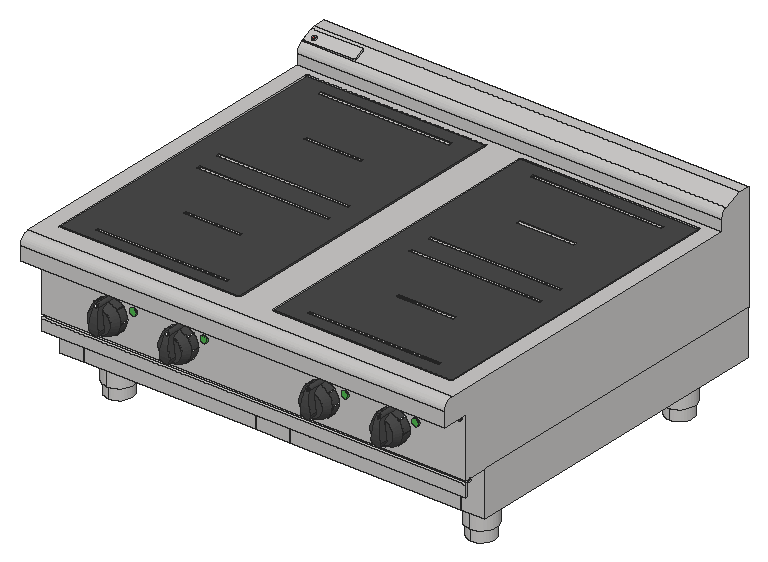
Revit family "QF_Moffat_INL8400R3-B_Induction_Cooktop_cat", category Specialty Equipment, Revit 2019
Family settings
  Round Connector Dimension = Use Diameter
  Part Type = Normal
  Work Plane-Based = No
  Always vertical = Yes
  Cut with Voids When Loaded = No
  Shared = No
  Room Calculation Point = No
Parameters (values of type "INL8400R3-B_415/60/3")
  Weight in Kilograms = 105
  Watts = 14000 W
  Volts = 415 V
  URL Cutsheet = ""
  Specification by User = ""
  Specification by Manufacturer = ""
  Show Logo [instance] = yes
  Serial Number = ""
  Seismic Rating = ""
  SMACNA No = ""
  Revision Code = ""
  Phase = 3
  Number of Poles = 1
  NAFEM Spec ID Number = ""
  Model = "INL8400R3-B"
  Min Ckt Ampacity = 0 A
  Max Overcurrent Protection = 0 A
  Masterspec = ""
  Manufacturer = "Moffat"
  Length = 900 mm
  Item Number = ""
  Installed By = ""
  Identify Quantity as Lot = yes
  Height = 410 mm
  HP = ""
  Furnished By = ""
  Foodservice Equipment Identifier = yes
  FL Amps = 20 A
  Electrical Remarks = ""
  Electric Connection Type = ""
  Elec Conn RI Height = 0 mm
  Elec Conn Connection Height = 0 mm
  Description = "Induction Cooktop"
  Depth = 805 mm
  Cycle = 60 Hz
  Conn Plug = ""
  Conn Conduit = yes
  CSI MasterFormat = ""
  Apparent Power = if(Phase = 3, Volts * FL Amps * 1.73, Volts * FL Amps)  # 14359 VA
Reference planes
  plane 1 "BACK": y = 0
  plane 2: z = 0
  plane 3 "LEFT": x = 0
  plane 4 "RIGHT": x = 900
  plane 5 "FRONT": y = -805
  plane 6 "TOP": z = 410
  plane 7 "Center Y": x = 450
  plane 8 "Center X": y = -402.5
  plane 9: x = 65.5
  plane 10: y = -30
  plane 11: x = 770
  plane 12: z = 85
  plane 13: y = -100
  plane 14: y = -625
  plane 15: y = -70
  plane 16: z = 355
  plane 17: z = 75
  plane 18: x = 834.5
Forms (mm)
  Extrusion 1, solid, material "QF_Metal_Stainless_Polished"
    sketch origin (0, 0, 0) x (0, 1, 0) y (0, 0, 1)
      loop
        line (0, 180) -> (0, 410) -> (-23.147, 410) -> (-57.632, 395.362)
        arc (-57.632, 395.362) -> (-66.628, 387.88) -> (-70, 376.676) r 20.3
        line (-70, 376.676) -> (-70, 355) -> (-784.417, 355)
        arc (-784.417, 355) -> (-798.971, 348.971) -> (-805, 334.417) r 20.583
        line (-805, 334.417) -> (-805, 305) -> (-749, 305) -> (-749, 180) -> (0, 180)
    from 0 to 900
  Extrusion 2, void
    sketch origin (0, -784.171, 355) x (0, 1, 0) y (-1, 0, 0)
      loop
        arc (699.341, -37.323) -> (697.584, -33.08) -> (693.341, -31.323) r 6
        line (693.341, -31.323) -> (45.245, -31.323)
        arc (45.245, -31.323) -> (41.002, -33.08) -> (39.245, -37.323) r 6
        line (39.245, -37.323) -> (39.245, -410.105)
        arc (39.245, -410.105) -> (41.002, -414.347) -> (45.245, -416.105) r 6
        line (45.245, -416.105) -> (693.341, -416.105)
        arc (693.341, -416.105) -> (697.584, -414.347) -> (699.341, -410.105) r 6
        line (699.341, -410.105) -> (699.341, -37.323)
      loop
        line (699.341, -862.677) -> (699.341, -489.895)
        arc (699.341, -489.895) -> (697.584, -485.653) -> (693.341, -483.895) r 6
        line (693.341, -483.895) -> (45.245, -483.895)
        arc (45.245, -483.895) -> (41.002, -485.653) -> (39.245, -489.895) r 6
        line (39.245, -489.895) -> (39.245, -862.677)
        arc (39.245, -862.677) -> (41.002, -866.92) -> (45.245, -868.677) r 6
        line (45.245, -868.677) -> (693.341, -868.677)
        arc (693.341, -868.677) -> (697.584, -866.92) -> (699.341, -862.677) r 6
    from 0 to -9.5
  Extrusion 3, solid, material "QF_Plastic_Black_Smooth"
    sketch origin (0, -784.171, 355) x (0, 1, 0) y (-1, 0, 0)
      loop
        line (695.341, -410.105) -> (695.341, -37.323)
        arc (695.341, -37.323) -> (694.755, -35.908) -> (693.341, -35.323) r 2
        line (693.341, -35.323) -> (45.245, -35.323)
        arc (45.245, -35.323) -> (43.831, -35.908) -> (43.245, -37.323) r 2
        line (43.245, -37.323) -> (43.245, -410.105)
        arc (43.245, -410.105) -> (43.831, -411.519) -> (45.245, -412.105) r 2
        line (45.245, -412.105) -> (693.341, -412.105)
        arc (693.341, -412.105) -> (694.755, -411.519) -> (695.341, -410.105) r 2
      loop
        line (667.194, -86.598) -> (661.194, -86.598) -> (661.194, -363.75) -> (667.194, -363.75) -> (667.194, -86.598)
      loop
        line (526.611, -163.924) -> (526.611, -283.924) -> (532.611, -283.924) -> (532.611, -163.924) -> (526.611, -163.924)
      loop
        line (398.444, -86.598) -> (392.444, -86.598) -> (392.444, -363.75) -> (398.444, -363.75) -> (398.444, -86.598)
      loop
        line (345.944, -86.598) -> (339.944, -86.598) -> (339.944, -363.75) -> (345.944, -363.75) -> (345.944, -86.598)
      loop
        line (206.611, -163.924) -> (206.611, -283.924) -> (212.611, -283.924) -> (212.611, -163.924) -> (206.611, -163.924)
      loop
        line (77.194, -86.598) -> (71.194, -86.598) -> (71.194, -363.75) -> (77.194, -363.75) -> (77.194, -86.598)
      loop
        arc (695.341, -489.895) -> (694.755, -488.481) -> (693.341, -487.895) r 2
        line (693.341, -487.895) -> (45.245, -487.895)
        arc (45.245, -487.895) -> (43.831, -488.481) -> (43.245, -489.895) r 2
        line (43.245, -489.895) -> (43.245, -862.677)
        arc (43.245, -862.677) -> (43.831, -864.092) -> (45.245, -864.677) r 2
        line (45.245, -864.677) -> (693.341, -864.677)
        arc (693.341, -864.677) -> (694.755, -864.092) -> (695.341, -862.677) r 2
        line (695.341, -862.677) -> (695.341, -489.895)
      loop
        line (667.194, -813.402) -> (667.194, -536.25) -> (661.194, -536.25) -> (661.194, -813.402) -> (667.194, -813.402)
      loop
        line (526.611, -736.076) -> (532.611, -736.076) -> (532.611, -616.076) -> (526.611, -616.076) -> (526.611, -736.076)
      loop
        line (398.444, -813.402) -> (398.444, -536.25) -> (392.444, -536.25) -> (392.444, -813.402) -> (398.444, -813.402)
      loop
        line (345.944, -813.402) -> (345.944, -536.25) -> (339.944, -536.25) -> (339.944, -813.402) -> (345.944, -813.402)
      loop
        line (206.611, -736.076) -> (212.611, -736.076) -> (212.611, -616.076) -> (206.611, -616.076) -> (206.611, -736.076)
      loop
        line (77.194, -813.402) -> (77.194, -536.25) -> (71.194, -536.25) -> (71.194, -813.402) -> (77.194, -813.402)
    from 0 to -9.5
  Extrusion 4, solid, material "QF_Metal_Stainless_Polished"
    sketch origin (0, 0, 40) x (0, 1, 0) y (0, 0, 1)
      loop
        line (-739.467, 140) -> (-738.192, 134.838)
        arc (-738.192, 134.838) -> (-738.307, 134.302) -> (-738.799, 134.063) r 0.625
        line (-738.799, 134.063) -> (-746.111, 134.063)
        arc (-746.111, 134.063) -> (-748.011, 133.276) -> (-748.797, 131.377) r 2.686
        line (-748.797, 131.377) -> (-748.797, 107.627) -> (-747.197, 107.627) -> (-747.197, 131.242)
        arc (-747.197, 131.242) -> (-746.84, 132.105) -> (-745.976, 132.463) r 1.221
        line (-745.976, 132.463) -> (-738.755, 132.463)
        arc (-738.755, 132.463) -> (-737.028, 133.304) -> (-736.625, 135.182) r 2.194
        line (-736.625, 135.182) -> (-737.815, 140) -> (-739.467, 140)
    from 0 to 900
  Extrusion 5, solid, material "QF_Plastic_Black_Smooth"
    sketch origin (0, -749, 181.875) x (0, 0, 1) y (-1, 0, 0)
      loop
        circle (112.843, -13.157) r 5
      loop
        circle (112.843, -886.843) r 5
    from 0 to 1.6
  Extrusion 6, solid, material "QF_Metal_Stainless_Polished"
    sketch origin (450, -699, 85) x (0, 1, 0) y (1, 0, 0)
      loop
        circle (669, 320) r 6.35
    from 0 to 10
  Extrusion 7, solid, material "QF_Metal_Stainless_Polished"
    sketch origin (0, -699, 85) x (1, 0, 0) y (0, -1, 0)
      loop
        line (0, -699) -> (900, -699) -> (900, 0) -> (849.2, 0) -> (849.2, -25.4) -> (485.8, -25.4) -> (485.8, 0) -> (414.2, 0) -> (414.2, -25.4) -> (50.8, -25.4) -> (50.8, 0) -> (0, 0) -> (0, -699)
    from 0 to -95
  Extrusion 8, solid, material "QF_Metal_Stainless_Polished"
    sketch origin (50.8, -30, 85) x (0, 1, 0) y (0, 0, 1)
      loop
        line (-669, 0) -> (-643.6, 0) -> (-643.6, 26.45) -> (-669, 26.45) -> (-669, 0)
      loop
        line (-669, 32.45) -> (-643.6, 32.45) -> (-643.6, 66.4) -> (-669, 66.4) -> (-669, 32.45)
      loop
        line (-669, 67.4) -> (-643.6, 67.4) -> (-643.6, 95) -> (-669, 95) -> (-669, 67.4)
    from 0 to 363.4
  Revolve 9, solid, material "QF_Metal_Stainless_Polished"
    sketch origin (65.5, -4572, -304.8) x (0, 0, -1) y (0, -1, 0)
      loop
        line (-304.8, -4499.5) -> (-304.8, -4472) -> (-389.8, -4472) -> (-389.8, -4503.75) -> (-329.8, -4503.75) -> (-329.8, -4499.5) -> (-304.8, -4499.5)
      axis (-389.8, -4472) -> (-304.8, -4472)
    angle from 0 to 360
  Revolve 10, solid, material "QF_Metal_Stainless_Polished"
    sketch origin (65.5, -4572, -304.8) x (0, 0, -1) y (0, -1, 0)
      loop
        line (-304.8, -3974.5) -> (-304.8, -3947) -> (-389.8, -3947) -> (-389.8, -3978.75) -> (-329.8, -3978.75) -> (-329.8, -3974.5) -> (-304.8, -3974.5)
      axis (-389.8, -3947) -> (-304.8, -3947)
    angle from 0 to 360
  Revolve 11, solid, material "QF_Metal_Stainless_Polished"
    sketch origin (834.5, -4572, -304.8) x (0, 0, -1) y (0, 1, 0)
      loop
        line (-304.8, 4499.5) -> (-329.8, 4499.5) -> (-329.8, 4503.75) -> (-389.8, 4503.75) -> (-389.8, 4472) -> (-304.8, 4472) -> (-304.8, 4499.5)
      axis (-389.8, 4472) -> (-304.8, 4472)
    angle from 0 to 360
  Revolve 12, solid, material "QF_Metal_Stainless_Polished"
    sketch origin (834.5, -4572, -304.8) x (0, 0, -1) y (0, 1, 0)
      loop
        line (-304.8, 3974.5) -> (-329.8, 3974.5) -> (-329.8, 3978.75) -> (-389.8, 3978.75) -> (-389.8, 3947) -> (-304.8, 3947) -> (-304.8, 3974.5)
      axis (-389.8, 3947) -> (-304.8, 3947)
    angle from 0 to 360
  Extrusion 13, solid, material "QF_Metal_Stainless_Polished"
    sketch origin (900, 0, 0) x (-1, 0, 0) y (0, -1, 0)
      loop
        line (536.25, 122.976) -> (536.25, 116.976) -> (813.402, 116.976) -> (813.402, 122.976) -> (536.25, 122.976)
      loop
        line (736.076, 251.56) -> (736.076, 257.56) -> (616.076, 257.56) -> (616.076, 251.56) -> (736.076, 251.56)
      loop
        line (813.402, 385.726) -> (813.402, 391.726) -> (536.25, 391.726) -> (536.25, 385.726) -> (813.402, 385.726)
      loop
        line (813.402, 438.226) -> (813.402, 444.226) -> (536.25, 444.226) -> (536.25, 438.226) -> (813.402, 438.226)
      loop
        line (736.076, 571.56) -> (736.076, 577.56) -> (616.076, 577.56) -> (616.076, 571.56) -> (736.076, 571.56)
      loop
        line (536.25, 712.976) -> (536.25, 706.976) -> (813.402, 706.976) -> (813.402, 712.976) -> (536.25, 712.976)
      loop
        line (363.75, 122.976) -> (86.598, 122.976) -> (86.598, 116.976) -> (363.75, 116.976) -> (363.75, 122.976)
      loop
        line (163.924, 251.56) -> (283.924, 251.56) -> (283.924, 257.56) -> (163.924, 257.56) -> (163.924, 251.56)
      loop
        line (86.598, 385.726) -> (363.75, 385.726) -> (363.75, 391.726) -> (86.598, 391.726) -> (86.598, 385.726)
      loop
        line (86.598, 438.226) -> (363.75, 438.226) -> (363.75, 444.226) -> (86.598, 444.226) -> (86.598, 438.226)
      loop
        line (163.924, 571.56) -> (283.924, 571.56) -> (283.924, 577.56) -> (163.924, 577.56) -> (163.924, 571.56)
      loop
        line (363.75, 712.976) -> (86.598, 712.976) -> (86.598, 706.976) -> (363.75, 706.976) -> (363.75, 712.976)
    from 355 to 345.5
  Extrusion 14, solid, material "QF_Paint_Green"
    sketch origin (63.231, -748.999, 153.75) x (0, 0, 1) y (-1, 0, 0)
      loop
        circle (100.3, -282.5) r 7.15
    from 0 to 1.6
  Extrusion 15, solid, material "QF_Plastic_Black_Smooth"
    sketch origin (75, -748.999, 165.625) x (0, 0, 1) y (-1, 0, 0)
      loop
        circle (112.843, -225) r 5
    from 0 to 1.6
  Extrusion 16, solid, material "QF_Paint_Green"
    sketch origin (-86.769, -748.999, 153.75) x (0, 0, 1) y (-1, 0, 0)
      loop
        circle (100.3, -282.5) r 7.15
    from 0 to 1.6
  Extrusion 17, solid, material "QF_Plastic_Black_Smooth"
    sketch origin (-75, -748.999, 165.625) x (0, 0, 1) y (-1, 0, 0)
      loop
        circle (112.843, -225) r 5
    from 0 to 1.6
  Extrusion 18, solid, material "QF_Paint_Green"
    sketch origin (511.981, -748.999, 153.75) x (0, 0, 1) y (-1, 0, 0)
      loop
        circle (100.3, -282.5) r 7.15
    from 0 to 1.6
  Extrusion 19, solid, material "QF_Plastic_Black_Smooth"
    sketch origin (523.75, -748.999, 165.625) x (0, 0, 1) y (-1, 0, 0)
      loop
        circle (112.843, -225) r 5
    from 0 to 1.6
  Extrusion 20, solid, material "QF_Paint_Green"
    sketch origin (361.981, -748.999, 153.75) x (0, 0, 1) y (-1, 0, 0)
      loop
        circle (100.3, -282.5) r 7.15
    from 0 to 1.6
  Extrusion 21, solid, material "QF_Plastic_Black_Smooth"
    sketch origin (373.75, -748.999, 165.625) x (0, 0, 1) y (-1, 0, 0)
      loop
        circle (112.843, -225) r 5
    from 0 to 1.6
  Extrusion 22, solid, material "QF_Metal_Stainless_Polished"
    sketch origin (849.2, -30, 85) x (0, 1, 0) y (0, 0, -1)
      loop
        line (-669, 0) -> (-669, -26.45) -> (-643.6, -26.45) -> (-643.6, 0) -> (-669, 0)
      loop
        line (-669, -32.45) -> (-669, -66.4) -> (-643.6, -66.4) -> (-643.6, -32.45) -> (-669, -32.45)
      loop
        line (-669, -67.4) -> (-669, -95) -> (-643.6, -95) -> (-643.6, -67.4) -> (-669, -67.4)
    from 0 to 363.4
Cuts and joins
  Extrusion 2 cuts Extrusion 1
Lines and regions (mm)
  symbolic lines
    curve 1: line (0, 0, 0) -> (900, 0, 0)
    curve 2: line (0, -805, 0) -> (0, 0, 0)
    curve 3: line (900, -805, 0) -> (0, -805, 0)
    curve 4: line (900, 0, 0) -> (900, -805, 0)
    curve 5: line (0, -18.182, 0) -> (900, -18.182, 0)
    curve 6: line (0, -70, 0) -> (900, -70, 0)
    curve 7: line (37.323, -84.83, 0) -> (410.105, -84.83, 0)
    curve 8: arc (410.105, -84.83, 0) -> (414.347, -86.587, 0) -> (416.105, -90.83, 0) r 6
    curve 9: line (416.105, -90.83, 0) -> (416.105, -738.926, 0)
    curve 10: arc (416.105, -738.926, 0) -> (414.347, -743.168, 0) -> (410.105, -744.926, 0) r 6
    curve 11: line (410.105, -744.926, 0) -> (37.323, -744.926, 0)
    curve 12: arc (37.323, -744.926, 0) -> (33.08, -743.168, 0) -> (31.323, -738.926, 0) r 6
    curve 13: line (31.323, -738.926, 0) -> (31.323, -90.83, 0)
    curve 14: arc (31.323, -90.83, 0) -> (33.08, -86.587, 0) -> (37.323, -84.83, 0) r 6
    curve 15: line (410.105, -88.83, 0) -> (37.323, -88.83, 0)
    curve 16: arc (37.323, -88.83, 0) -> (35.908, -89.415, 0) -> (35.323, -90.83, 0) r 2
    curve 17: line (35.323, -90.83, 0) -> (35.323, -738.926, 0)
    curve 18: arc (35.323, -738.926, 0) -> (35.908, -740.34, 0) -> (37.323, -740.926, 0) r 2
    curve 19: line (37.323, -740.926, 0) -> (410.105, -740.926, 0)
    curve 20: arc (410.105, -740.926, 0) -> (411.519, -740.34, 0) -> (412.105, -738.926, 0) r 2
    curve 21: line (412.105, -738.926, 0) -> (412.105, -90.83, 0)
    curve 22: arc (412.105, -90.83, 0) -> (411.519, -89.415, 0) -> (410.105, -88.83, 0) r 2
    curve 23: line (416.105, -738.926, 0) -> (416.105, -90.83, 0)
    curve 24: line (412.105, -90.83, 0) -> (412.105, -738.926, 0)
    curve 25: line (862.677, -84.83, 0) -> (489.895, -84.83, 0)
    curve 26: arc (489.895, -84.83, 0) -> (485.653, -86.587, 0) -> (483.895, -90.83, 0) r 6
    curve 27: arc (483.895, -738.926, 0) -> (485.653, -743.168, 0) -> (489.895, -744.926, 0) r 6
    curve 28: line (489.895, -744.926, 0) -> (862.677, -744.926, 0)
    curve 29: arc (862.677, -744.926, 0) -> (866.92, -743.168, 0) -> (868.677, -738.926, 0) r 6
    curve 30: line (868.677, -738.926, 0) -> (868.677, -90.83, 0)
    curve 31: arc (868.677, -90.83, 0) -> (866.92, -86.587, 0) -> (862.677, -84.83, 0) r 6
    curve 32: line (489.895, -88.83, 0) -> (862.677, -88.83, 0)
    curve 33: arc (862.677, -88.83, 0) -> (864.092, -89.415, 0) -> (864.677, -90.83, 0) r 2
    curve 34: line (864.677, -90.83, 0) -> (864.677, -738.926, 0)
    curve 35: arc (864.677, -738.926, 0) -> (864.092, -740.34, 0) -> (862.677, -740.926, 0) r 2
    curve 36: line (862.677, -740.926, 0) -> (489.895, -740.926, 0)
    curve 37: arc (489.895, -740.926, 0) -> (488.481, -740.34, 0) -> (487.895, -738.926, 0) r 2
    curve 38: arc (487.895, -90.83, 0) -> (488.481, -89.415, 0) -> (489.895, -88.83, 0) r 2
    curve 39: line (487.895, -90.83, 0) -> (487.895, -738.926, 0)
    curve 40: arc (487.895, -738.926, 0) -> (488.481, -740.34, 0) -> (489.895, -740.926, 0) r 2
    curve 41: line (489.895, -740.926, 0) -> (862.677, -740.926, 0)
    curve 42: arc (862.677, -740.926, 0) -> (864.092, -740.34, 0) -> (864.677, -738.926, 0) r 2
    curve 43: line (864.677, -738.926, 0) -> (864.677, -90.83, 0)
    curve 44: arc (864.677, -90.83, 0) -> (864.092, -89.415, 0) -> (862.677, -88.83, 0) r 2
    curve 45: line (862.677, -88.83, 0) -> (489.895, -88.83, 0)
    curve 46: arc (489.895, -88.83, 0) -> (488.481, -89.415, 0) -> (487.895, -90.83, 0) r 2
    curve 47: line (483.895, -90.83, 0) -> (483.895, -738.926, 0)
    curve 48: arc (483.895, -738.926, 0) -> (485.653, -743.168, 0) -> (489.895, -744.926, 0) r 6
    curve 49: line (489.895, -744.926, 0) -> (862.677, -744.926, 0)
    curve 50: arc (862.677, -744.926, 0) -> (866.92, -743.168, 0) -> (868.677, -738.926, 0) r 6
    curve 51: line (868.677, -738.926, 0) -> (868.677, -90.83, 0)
    curve 52: arc (868.677, -90.83, 0) -> (866.92, -86.587, 0) -> (862.677, -84.83, 0) r 6
    curve 53: line (862.677, -84.83, 0) -> (489.895, -84.83, 0)
    curve 54: arc (489.895, -84.83, 0) -> (485.653, -86.587, 0) -> (483.895, -90.83, 0) r 6
    curve 55: line (86.598, -122.976, 0) -> (363.75, -122.976, 0)
    curve 56: line (363.75, -122.976, 0) -> (363.75, -116.976, 0)
    curve 57: line (363.75, -116.976, 0) -> (86.598, -116.976, 0)
    curve 58: line (86.598, -116.976, 0) -> (86.598, -122.976, 0)
    curve 59: line (283.924, -251.56, 0) -> (163.924, -251.56, 0)
    curve 60: line (163.924, -251.56, 0) -> (163.924, -257.56, 0)
    curve 61: line (163.924, -257.56, 0) -> (283.924, -257.56, 0)
    curve 62: line (283.924, -257.56, 0) -> (283.924, -251.56, 0)
    curve 63: line (536.25, -122.976, 0) -> (813.402, -122.976, 0)
    curve 64: line (813.402, -122.976, 0) -> (813.402, -116.976, 0)
    curve 65: line (813.402, -116.976, 0) -> (536.25, -116.976, 0)
    curve 66: line (536.25, -116.976, 0) -> (536.25, -122.976, 0)
    curve 67: line (813.402, -706.976, 0) -> (536.25, -706.976, 0)
    curve 68: line (536.25, -706.976, 0) -> (536.25, -712.976, 0)
    curve 69: line (536.25, -712.976, 0) -> (813.402, -712.976, 0)
    curve 70: line (813.402, -712.976, 0) -> (813.402, -706.976, 0)
    curve 71: line (86.598, -712.976, 0) -> (363.75, -712.976, 0)
    curve 72: line (363.75, -712.976, 0) -> (363.75, -706.976, 0)
    curve 73: line (363.75, -706.976, 0) -> (86.598, -706.976, 0)
    curve 74: line (86.598, -706.976, 0) -> (86.598, -712.976, 0)
    curve 75: line (283.924, -577.56, 0) -> (163.924, -577.56, 0)
    curve 76: line (163.924, -577.56, 0) -> (163.924, -571.56, 0)
    curve 77: line (163.924, -571.56, 0) -> (283.924, -571.56, 0)
    curve 78: line (283.924, -571.56, 0) -> (283.924, -577.56, 0)
    curve 79: line (86.598, -444.226, 0) -> (363.75, -444.226, 0)
    curve 80: line (363.75, -444.226, 0) -> (363.75, -438.226, 0)
    curve 81: line (363.75, -438.226, 0) -> (86.598, -438.226, 0)
    curve 82: line (86.598, -438.226, 0) -> (86.598, -444.226, 0)
    curve 83: line (86.598, -391.726, 0) -> (363.75, -391.726, 0)
    curve 84: line (363.75, -391.726, 0) -> (363.75, -385.726, 0)
    curve 85: line (363.75, -385.726, 0) -> (86.598, -385.726, 0)
    curve 86: line (86.598, -385.726, 0) -> (86.598, -391.726, 0)
    curve 87: line (813.402, -385.726, 0) -> (536.25, -385.726, 0)
    curve 88: line (536.25, -385.726, 0) -> (536.25, -391.726, 0)
    curve 89: line (536.25, -391.726, 0) -> (813.402, -391.726, 0)
    curve 90: line (813.402, -391.726, 0) -> (813.402, -385.726, 0)
    curve 91: line (616.076, -257.56, 0) -> (736.076, -257.56, 0)
    curve 92: line (736.076, -257.56, 0) -> (736.076, -251.56, 0)
    curve 93: line (736.076, -251.56, 0) -> (616.076, -251.56, 0)
    curve 94: line (616.076, -251.56, 0) -> (616.076, -257.56, 0)
    curve 95: line (536.25, -122.976, 0) -> (813.402, -122.976, 0)
    curve 96: line (813.402, -122.976, 0) -> (813.402, -116.976, 0)
    curve 97: line (813.402, -116.976, 0) -> (536.25, -116.976, 0)
    curve 98: line (536.25, -116.976, 0) -> (536.25, -122.976, 0)
    curve 99: line (813.402, -438.226, 0) -> (536.25, -438.226, 0)
    curve 100: line (536.25, -438.226, 0) -> (536.25, -444.226, 0)
    curve 101: line (536.25, -444.226, 0) -> (813.402, -444.226, 0)
    curve 102: line (813.402, -444.226, 0) -> (813.402, -438.226, 0)
    curve 103: line (736.076, -571.56, 0) -> (616.076, -571.56, 0)
    curve 104: line (616.076, -571.56, 0) -> (616.076, -577.56, 0)
    curve 105: line (616.076, -577.56, 0) -> (736.076, -577.56, 0)
    curve 106: line (736.076, -577.56, 0) -> (736.076, -571.56, 0)
    curve 107: line (813.402, -706.976, 0) -> (536.25, -706.976, 0)
    curve 108: line (536.25, -706.976, 0) -> (536.25, -712.976, 0)
    curve 109: line (536.25, -712.976, 0) -> (813.402, -712.976, 0)
    curve 110: line (813.402, -712.976, 0) -> (813.402, -706.976, 0)
Dimensions and locks
  equal spacing: plane 3 "LEFT", plane 7 "Center Y", plane 4 "RIGHT"
  "Length": plane 3 "LEFT" to plane 4 "RIGHT"
  equal spacing: plane 5 "FRONT", plane 8 "Center X", plane 1 "BACK"
  "Depth": plane 5 "FRONT" to plane 1 "BACK"
  "Height": plane 6 "TOP" to level
  plane 4 "RIGHT" to plane 3 "LEFT" = 900 mm
  plane 1 "BACK" to plane 5 "FRONT" = 805 mm
  plane 6 "TOP" to plane 2 = 410 mm
  locked: plane 11 to plane 4 "RIGHT" at 130
  plane 1 "BACK" to plane 10 = 30 mm
  plane 1 "BACK" to plane 13 to plane 14 = 100 mm, 525 mm
  plane 1 "BACK" to plane 15 = 70 mm
  plane 16 to level = 355 mm
  level to plane 12 = 85 mm
  plane 17 to level = 75 mm
  plane 11 to plane 4 "RIGHT" = 130 mm
  plane 18 to plane 9 = 769 mm
  locked: plane 4 "RIGHT" to plane 18 at 65.5
  aligned and locked: level to plane 2
  aligned and locked: plane 18 to Revolve 12
  aligned and locked: plane 18 to Revolve 11
  aligned and locked: Extrusion 7 sketch curve to plane 4 "RIGHT"
  aligned and locked: Extrusion 4 to plane 4 "RIGHT"
  aligned and locked: Extrusion 22 to Extrusion 7  (x2)
Automatic sketch dimensions
  Extrusion 4 sketch curve to plane 5 "FRONT" = 56.203 mm
  Extrusion 4 sketch curve to Extrusion 4 sketch curve = 1.6 mm
  Extrusion 4 sketch curve to Extrusion 4 sketch curve = 1.086 mm
  Extrusion 4 sketch curve to Extrusion 4 sketch curve = 0.135 mm  (x2)
  Extrusion 4 sketch curve to Extrusion 4 sketch curve = 6.644 mm
  Extrusion 4 sketch curve to Extrusion 4 sketch curve = 0.668 mm
  Extrusion 4 sketch curve to Extrusion 4 sketch curve = 0.044 mm
  Extrusion 4 sketch curve to Extrusion 4 sketch curve = 0.563 mm
  Extrusion 4 sketch curve to Extrusion 4 sketch curve = 1.652 mm
  Extrusion 4 sketch curve to Extrusion 4 sketch curve = 1.567 mm
  Extrusion 4 sketch curve to plane 12 = 62.627 mm
  Extrusion 4 sketch curve to Extrusion 4 sketch curve = 23.614 mm
  Extrusion 4 sketch curve to Extrusion 4 sketch curve = 0.594 mm
  Extrusion 4 sketch curve to Extrusion 4 sketch curve = 0.032 mm
  Extrusion 4 sketch curve to Extrusion 4 sketch curve = 5.162 mm
  Extrusion 1 to Extrusion 5 sketch curve = 10.282 mm  (x2)
  Extrusion 1 to Extrusion 5 sketch curve = 13.157 mm  (x2)
  plane 12 to Revolve 9 sketch curve = 0 mm
  Revolve 9 sketch curve to level = 0 mm  (x2)
  Revolve 9 sketch curve to plane 13 = 0 mm  (x2)
  plane 15 to Revolve 9 sketch curve = 2.5 mm
  level to Revolve 9 sketch curve = 25 mm
  Revolve 9 sketch curve to plane 15 = 1.75 mm
  Revolve 9 sketch curve to Revolve 9 sketch curve = 25 mm
  plane 12 to Revolve 10 sketch curve = 0 mm
  Revolve 10 sketch curve to level = 0 mm  (x2)
  Revolve 10 sketch curve to plane 14 = 0 mm  (x2)
  level to Revolve 10 sketch curve = 25 mm
  Revolve 10 sketch curve to Revolve 10 sketch curve = 27.5 mm
  Revolve 10 sketch curve to Revolve 10 sketch curve = 31.75 mm
  Revolve 10 sketch curve to Revolve 10 sketch curve = 25 mm
  plane 12 to Revolve 11 sketch curve = 0 mm
  Revolve 11 sketch curve to level = 0 mm  (x2)
  Revolve 11 sketch curve to plane 13 = 0 mm  (x2)
  plane 15 to Revolve 11 sketch curve = 2.5 mm
  Revolve 11 sketch curve to Revolve 11 sketch curve = 25 mm
  Revolve 11 sketch curve to plane 15 = 1.75 mm
  Revolve 11 sketch curve to level = 25 mm
  plane 12 to Revolve 12 sketch curve = 0 mm
  Revolve 12 sketch curve to level = 0 mm  (x2)
  Revolve 12 sketch curve to plane 14 = 0 mm  (x2)
  level to Revolve 12 sketch curve = 25 mm
  Revolve 12 sketch curve to plane 14 = 27.5 mm
  Revolve 12 sketch curve to Revolve 12 sketch curve = 4.25 mm
  Revolve 12 sketch curve to Revolve 12 sketch curve = 25 mm
  Extrusion 16 sketch curve to plane 16 = 100.95 mm
  Extrusion 16 sketch curve to plane 9 = 130.231 mm
  Extrusion 17 sketch curve to plane 16 = 76.532 mm
  Extrusion 17 sketch curve to plane 9 = 84.5 mm
  Extrusion 18 sketch curve to plane 11 = 24.481 mm
  Extrusion 18 sketch curve to plane 16 = 100.95 mm
  Extrusion 19 sketch curve to plane 16 = 76.532 mm
  plane 11 to Extrusion 19 sketch curve = 21.25 mm
  plane 12 to Extrusion 22 sketch curve = 0 mm
  plane 14 to Extrusion 22 sketch curve = 74 mm
  Extrusion 22 sketch curve to Extrusion 22 sketch curve = 0 mm  (x4)
  Extrusion 22 sketch curve to Extrusion 22 sketch curve = 25.4 mm
  Extrusion 22 sketch curve to plane 12 = 26.45 mm
  Extrusion 22 sketch curve to Extrusion 22 sketch curve = 6 mm
  Extrusion 22 sketch curve to Extrusion 22 sketch curve = 33.95 mm
  Extrusion 22 sketch curve to Extrusion 22 sketch curve = 1 mm
  Extrusion 22 sketch curve to Extrusion 22 sketch curve = 27.6 mm
  Extrusion 7 to Extrusion 6 sketch curve = 30 mm
  Extrusion 6 sketch curve to Extrusion 7 = 79.2 mm
  Extrusion 7 sketch curve to plane 3 "LEFT" = 0 mm
  plane 1 "BACK" to Extrusion 7 sketch curve = 0 mm
  plane 9 to Extrusion 7 sketch curve = 14.7 mm
  Extrusion 7 sketch curve to plane 7 "Center Y" = 35.8 mm
  plane 7 "Center Y" to Extrusion 7 sketch curve = 35.8 mm
  plane 18 to Extrusion 7 sketch curve = 14.7 mm
  plane 14 to Extrusion 7 sketch curve = 48.6 mm  (x2)
  Extrusion 7 sketch curve to Extrusion 7 sketch curve = 25.4 mm  (x3)
  Extrusion 8 sketch curve to Extrusion 7 = 0 mm  (x8)
  Extrusion 7 to Extrusion 8 sketch curve = 26.45 mm
  Extrusion 8 sketch curve to Extrusion 8 sketch curve = 6 mm
  Extrusion 7 to Extrusion 8 sketch curve = 28.6 mm
  Extrusion 8 sketch curve to Extrusion 8 sketch curve = 1 mm
  Extrusion 14 sketch curve to plane 7 "Center Y" = 104.269 mm
  Extrusion 14 sketch curve to plane 16 = 100.95 mm
  Extrusion 15 sketch curve to plane 16 = 76.532 mm
  Extrusion 15 sketch curve to plane 7 "Center Y" = 150 mm
  Extrusion 20 sketch curve to plane 16 = 100.95 mm
  plane 7 "Center Y" to Extrusion 20 sketch curve = 194.481 mm
  Extrusion 21 sketch curve to plane 16 = 76.532 mm
  plane 7 "Center Y" to Extrusion 21 sketch curve = 148.75 mm
  Extrusion 2 sketch curve to Extrusion 1 = 39.492 mm  (x2)
  Extrusion 2 sketch curve to Extrusion 2 sketch curve = 6 mm  (x6)
  Extrusion 1 to Extrusion 2 sketch curve = 20.83 mm  (x4)
  Extrusion 1 to Extrusion 2 sketch curve = 31.323 mm
  Extrusion 2 sketch curve to Extrusion 2 sketch curve = 372.782 mm
  Extrusion 2 sketch curve to Extrusion 2 sketch curve = 67.791 mm
  Extrusion 1 to Extrusion 2 sketch curve = 37.323 mm
  Extrusion 3 sketch curve to Extrusion 1 = 43.492 mm  (x2)
  Extrusion 3 sketch curve to Extrusion 3 sketch curve = 2 mm  (x6)
  Extrusion 3 sketch curve to Extrusion 3 sketch curve = 25.949 mm  (x2)
  Extrusion 3 sketch curve to Extrusion 3 sketch curve = 6 mm  (x12)
  Extrusion 3 sketch curve to Extrusion 3 sketch curve = 129.416 mm  (x2)
  Extrusion 3 sketch curve to Extrusion 3 sketch curve = 127.334 mm  (x2)
  Extrusion 3 sketch curve to Extrusion 3 sketch curve = 46.5 mm  (x2)
  Extrusion 3 sketch curve to Extrusion 3 sketch curve = 128.166 mm  (x2)
  Extrusion 1 to Extrusion 3 sketch curve = 52.976 mm  (x2)
  Extrusion 1 to Extrusion 3 sketch curve = 20.83 mm  (x4)
  Extrusion 1 to Extrusion 3 sketch curve = 35.323 mm
  Extrusion 3 sketch curve to Extrusion 3 sketch curve = 49.275 mm  (x2)
  Extrusion 1 to Extrusion 3 sketch curve = 86.598 mm  (x4)
  Extrusion 3 sketch curve to Extrusion 3 sketch curve = 0 mm  (x4)
  Extrusion 3 sketch curve to Extrusion 3 sketch curve = 77.326 mm  (x2)
  Extrusion 3 sketch curve to Extrusion 3 sketch curve = 120 mm  (x4)
  Extrusion 3 sketch curve to Extrusion 3 sketch curve = 79.826 mm  (x5)
  Extrusion 3 sketch curve to Extrusion 3 sketch curve = 46.355 mm  (x3)
  Extrusion 3 sketch curve to Extrusion 3 sketch curve = 75.791 mm
  Extrusion 3 sketch curve to Extrusion 3 sketch curve = 172.5 mm
  Extrusion 1 to Extrusion 3 sketch curve = 37.323 mm
  plane 18 to Extrusion 13 sketch curve = 21.098 mm  (x4)
  Extrusion 13 sketch curve to plane 11 = 33.924 mm  (x2)
  plane 14 to Extrusion 13 sketch curve = 47.44 mm
  Extrusion 13 sketch curve to Extrusion 13 sketch curve = 120 mm  (x2)
  plane 8 "Center X" to Extrusion 13 sketch curve = 41.726 mm  (x2)
  Extrusion 13 sketch curve to plane 7 "Center Y" = 86.25 mm  (x3)
  Extrusion 13 sketch curve to plane 8 "Center X" = 16.774 mm  (x2)
  Extrusion 13 sketch curve to Extrusion 13 sketch curve = 0 mm  (x2)
  Extrusion 13 sketch curve to plane 13 = 22.976 mm
  plane 7 "Center Y" to Extrusion 13 sketch curve = 86.25 mm  (x3)
  Extrusion 13 sketch curve to plane 13 = 16.976 mm
  plane 14 to Extrusion 13 sketch curve = 53.44 mm
  Extrusion 13 sketch curve to Extrusion 13 sketch curve = 79.826 mm  (x2)
  plane 9 to Extrusion 13 sketch curve = 98.424 mm  (x2)
  plane 9 to Extrusion 13 sketch curve = 21.098 mm  (x4)
  Extrusion 13 sketch curve to plane 14 = 81.976 mm  (x2)
  Extrusion 13 sketch curve to Extrusion 13 sketch curve = 6 mm  (x12)
  Extrusion 13 sketch curve to plane 8 "Center X" = 144.94 mm  (x2)
  Extrusion 1 sketch curve to plane 5 "FRONT" = 0 mm
  Extrusion 1 sketch curve to plane 16 = 0 mm
  Extrusion 1 sketch curve to plane 15 = 0 mm
  Extrusion 1 sketch curve to plane 6 "TOP" = 0 mm
  Extrusion 1 sketch curve to plane 1 "BACK" = 0 mm
  Extrusion 1 sketch curve to Extrusion 1 sketch curve = 20.583 mm
  Extrusion 1 sketch curve to plane 5 "FRONT" = 56 mm
  Extrusion 1 sketch curve to plane 15 = 12.368 mm
  plane 10 to Extrusion 1 sketch curve = 19.7 mm
  Extrusion 1 sketch curve to plane 10 = 6.853 mm
  Extrusion 1 sketch curve to Extrusion 1 sketch curve = 29.417 mm
  Extrusion 1 sketch curve to plane 12 = 95 mm
  plane 16 to Extrusion 1 sketch curve = 21.676 mm
  curve 8 to curve 22 = 0 mm
  curve 10 to curve 20 = 0 mm  (x2)
  curve 12 to curve 18 = 0 mm  (x2)
  curve 14 to curve 16 = 0 mm  (x2)
  curve 27 to curve 37 = 0 mm
  curve 27 to curve 40 = 0 mm
  curve 29 to curve 35 = 0 mm  (x2)
  curve 38 to curve 54 = 0 mm
  curve 44 to curve 52 = 0 mm  (x2)
  plane 1 "BACK" to curve 1 = 0 mm
  curve 1 to plane 3 "LEFT" = 0 mm
  curve 6 to plane 4 "RIGHT" = 0 mm
  plane 5 "FRONT" to curve 3 = 0 mm
  plane 15 to curve 6 = 0 mm
  plane 3 "LEFT" to curve 13 = 31.323 mm
  curve 13 to curve 17 = 4 mm
  curve 16 to curve 16 = 2 mm
  curve 17 to curve 18 = 2 mm
  curve 85 to plane 9 = 21.098 mm
  curve 82 to plane 9 = 21.098 mm
  curve 71 to plane 9 = 21.098 mm
  curve 55 to plane 9 = 21.098 mm
  curve 77 to plane 9 = 98.424 mm
  curve 59 to plane 9 = 98.424 mm
  curve 60 to curve 62 = 120 mm
  curve 77 to plane 14 = 53.44 mm
  curve 76 to curve 77 = 120 mm
  plane 13 to curve 57 = 16.976 mm
  curve 57 to plane 7 "Center Y" = 86.25 mm
  curve 72 to plane 7 "Center Y" = 86.25 mm
  plane 8 "Center X" to curve 85 = 16.774 mm
  curve 85 to plane 7 "Center Y" = 86.25 mm
  curve 79 to curve 83 = 0 mm
  curve 10 to plane 7 "Center Y" = 39.895 mm
  plane 15 to curve 7 = 14.83 mm
  curve 7 to plane 7 "Center Y" = 39.895 mm
  curve 20 to curve 24 = 2 mm
  plane 7 "Center Y" to curve 47 = 33.895 mm
  curve 26 to curve 39 = 4 mm
  curve 46 to curve 45 = 2 mm
  curve 37 to curve 36 = 2 mm
  plane 8 "Center X" to curve 88 = 16.774 mm
  plane 7 "Center Y" to curve 88 = 86.25 mm
  curve 27 to curve 108 = 46.355 mm
  curve 101 to curve 88 = 0 mm
  plane 13 to curve 98 = 22.976 mm
  curve 46 to curve 98 = 46.355 mm
  curve 63 to curve 93 = 79.826 mm
  curve 105 to plane 14 = 47.44 mm
  curve 67 to curve 105 = 79.826 mm
  plane 11 to curve 106 = 33.924 mm
  plane 11 to curve 93 = 33.924 mm
  curve 90 to plane 18 = 21.098 mm
  curve 110 to plane 18 = 21.098 mm
  curve 95 to plane 18 = 21.098 mm
  curve 99 to plane 18 = 21.098 mm
  plane 18 to curve 53 = 28.177 mm
  plane 18 to curve 28 = 28.177 mm
  curve 31 to curve 34 = 2 mm
  curve 11 to plane 5 "FRONT" = 60.074 mm
  curve 49 to plane 5 "FRONT" = 60.074 mm
  curve 29 to curve 109 = 25.949 mm
  curve 18 to curve 74 = 25.949 mm
  curve 71 to curve 73 = 6 mm
  curve 69 to curve 70 = 6 mm
  curve 75 to curve 77 = 6 mm
  curve 105 to curve 106 = 6 mm
  curve 101 to plane 8 "Center X" = 41.726 mm
  curve 82 to plane 8 "Center X" = 41.726 mm
  curve 101 to curve 99 = 6 mm
  curve 79 to curve 82 = 6 mm
  curve 90 to curve 87 = 6 mm
  curve 84 to curve 84 = 6 mm
  plane 8 "Center X" to curve 92 = 144.94 mm
  plane 8 "Center X" to curve 62 = 144.94 mm
  curve 60 to curve 59 = 6 mm
  curve 91 to curve 94 = 6 mm
  curve 56 to curve 56 = 6 mm
  curve 63 to curve 98 = 6 mm
  curve 54 to plane 13 = 9.17 mm
  curve 5 to plane 10 = 11.818 mm
  radius of Extrusion 5 sketch curve = 5 mm  (x2)
  radius of Extrusion 16 sketch curve = 7.15 mm
  radius of Extrusion 17 sketch curve = 5 mm
  radius of Extrusion 18 sketch curve = 7.15 mm
  radius of Extrusion 19 sketch curve = 5 mm
  radius of Extrusion 6 sketch curve = 6.35 mm
  radius of Extrusion 14 sketch curve = 7.15 mm
  radius of Extrusion 15 sketch curve = 5 mm
  radius of Extrusion 20 sketch curve = 7.15 mm
  radius of Extrusion 21 sketch curve = 5 mm
Nested families
  nested 1: "Knob" at (267.5, -739.499, 200.75), type "Knob"
  nested 2: "Knob" at (117.5, -739.499, 200.75), type "Knob"
  nested 3: "Knob" at (716.25, -739.499, 200.75), type "Knob"
  nested 4: "Knob" at (566.25, -739.499, 200.75), type "Knob"
  nested 5: "QF_LOGO_Waldorf1" at (2, -56.925, 395.662), visible <- "Show Logo", type "QF_LOGO_Waldorf 2"
Connectors
  electrical at (770, -30, 75), driven by "Volts", driven by "Watts"
    settings: on Extrusion 6, index 3, voltage 415 V, apparent load 14000 VA, apparent load phase1 0 VA, apparent load phase2 0 VA, apparent load phase3 0 VA, power factor 1, load classification "Other", number of poles 1, system type 30, power factor state 1, is connector primary yes, connector utility no, sub classification motor no, connector description "ELECTRICAL CONNECTION"
Definition of nested family "Knob"
  Parameters (values of type "Knob")
    Weight in Pounds = 0
    URL Cutsheet = ""
    Specification by User = ""
    Specification by Manufacturer = ""
    Serial Number = ""
    Seismic Rating = ""
    SMACNA No = ""
    Revision Code = ""
    NAFEM Spec ID Number = ""
    Masterspec = ""
    Length = 65 mm
    Item Number = ""
    Installed By = ""
    Identify Quantity as Lot = yes
    Height = 69.5 mm
    Furnished By = ""
    Foodservice Equipment Identifier = yes
    Depth = 59 mm
    CSI MasterFormat = ""
  Reference planes
    plane 1 "BACK": y = 0
    plane 2: z = 0
    plane 3 "LEFT": x = 0
    plane 4 "RIGHT": x = 65
    plane 5 "FRONT": y = -59
    plane 6 "TOP": z = 69.5
    plane 7 "Center Y": x = 32.5
    plane 8 "Center X": y = -29.5
  Forms (mm)
    Revolve 1, solid
      sketch origin (32.5, 175.397, 1219.2) x (0, 1, 0) y (0, 0, 1)
        loop
          line (-175.397, -1186.7) -> (-219.397, -1186.7) -> (-219.397, -1211.501) -> (-202.106, -1219.2) -> (-185.397, -1219.2) -> (-185.397, -1191.7) -> (-175.397, -1191.7) -> (-175.397, -1186.7)
        axis (-219.397, -1186.7) -> (-175.397, -1186.7)
      angle from 0 to 360
    Extrusion 2, solid
      sketch origin (32.5, 175.397, 1219.2) x (0, 1, 0) y (0, 0, 1)
        loop
          line (-202.106, -1154.2) -> (-185.397, -1154.2) -> (-185.397, -1149.7) -> (-224.105, -1149.7)
          arc (-224.105, -1149.7) -> (-233.965, -1178.467) -> (-230.696, -1208.7) r 70
          line (-230.696, -1208.7) -> (-219.397, -1208.7) -> (-219.397, -1161.899) -> (-202.106, -1154.2)
      from -15 to 15
    Extrusion 3, void
      sketch origin (0, 0, 0) x (1, 0, 0) y (0, 0, 1)
        loop
          line (27.501, 64.613) -> (22.02, 20.585)
          arc (22.02, 20.585) -> (32.792, 10.488) -> (42.986, 21.169) r 10.487
          line (42.986, 21.169) -> (37.499, 64.613)
          arc (37.499, 64.613) -> (32.5, 69.5) -> (27.501, 64.613) r 5
        loop
          line (10, 72.977) -> (10, 5.625) -> (55, 5.625) -> (55, 72.977) -> (10, 72.977)
      from 6.142 to 69.687
    Extrusion 4, solid
      sketch origin (0, -34.115, -16.916) x (1, 0, 0) y (0, 0.45399, 0.891007)
        loop
          circle (32.497, 65) r 2
      from 51.525 to 53.075
    Extrusion 5, solid
      sketch origin (32.5, -10, 32.5) x (0, 0, -1) y (-1, 0, 0)
        loop
          line (-23.54, -22.408) -> (-24.106, -22.974)
          arc (-24.106, -22.974) -> (-23.547, -23.547) -> (-22.974, -24.106) r 33.3
          line (-22.974, -24.106) -> (-22.408, -23.54)
          arc (-22.408, -23.54) -> (-22.981, -22.981) -> (-23.54, -22.408) r 32.5
        loop
          arc (-0.8, -33.29) -> (0, -33.3) -> (0.8, -33.29) r 33.3
          line (0.8, -33.29) -> (0.8, -32.49)
          arc (0.8, -32.49) -> (0, -32.5) -> (-0.8, -32.49) r 32.5
          line (-0.8, -32.49) -> (-0.8, -33.29)
        loop
          arc (23.54, -22.408) -> (22.981, -22.981) -> (22.408, -23.54) r 32.5
          line (22.408, -23.54) -> (22.974, -24.106)
          arc (22.974, -24.106) -> (23.547, -23.547) -> (24.106, -22.974) r 33.3
          line (24.106, -22.974) -> (23.54, -22.408)
        loop
          arc (-23.54, 22.408) -> (-22.981, 22.981) -> (-22.408, 23.54) r 32.5
          line (-22.408, 23.54) -> (-22.974, 24.106)
          arc (-22.974, 24.106) -> (-23.547, 23.547) -> (-24.106, 22.974) r 33.3
          line (-24.106, 22.974) -> (-23.54, 22.408)
        loop
          line (-0.8, 33.29) -> (-0.8, 32.49)
          arc (-0.8, 32.49) -> (0, 32.5) -> (0.8, 32.49) r 32.5
          line (0.8, 32.49) -> (0.8, 33.29)
          arc (0.8, 33.29) -> (0, 33.3) -> (-0.8, 33.29) r 33.3
        loop
          line (32.49, -0.8) -> (33.29, -0.8)
          arc (33.29, -0.8) -> (33.3, 0) -> (33.29, 0.8) r 33.3
          line (33.29, 0.8) -> (32.49, 0.8)
          arc (32.49, 0.8) -> (32.5, 0) -> (32.49, -0.8) r 32.5
        loop
          arc (24.106, 22.974) -> (23.547, 23.547) -> (22.974, 24.106) r 33.3
          line (22.974, 24.106) -> (22.408, 23.54)
          arc (22.408, 23.54) -> (22.981, 22.981) -> (23.54, 22.408) r 32.5
          line (23.54, 22.408) -> (24.106, 22.974)
      from 0 to -16.709
  Cuts and joins
    Extrusion 3 cuts Extrusion 2
  Dimensions and locks
    equal spacing: plane 3 "LEFT", plane 7 "Center Y", plane 4 "RIGHT"
    "Length": plane 3 "LEFT" to plane 4 "RIGHT"
    equal spacing: plane 5 "FRONT", plane 8 "Center X", plane 1 "BACK"
    "Depth": plane 5 "FRONT" to plane 1 "BACK"
    "Height": plane 6 "TOP" to level
    plane 4 "RIGHT" to plane 3 "LEFT" = 65 mm
    aligned and locked: level to plane 2
  Automatic sketch dimensions
    Revolve 1 sketch curve to level = 0 mm
    Revolve 1 sketch curve to plane 1 "BACK" = 0 mm  (x2)
    plane 1 "BACK" to Revolve 1 sketch curve = 10 mm
    plane 8 "Center X" to Revolve 1 sketch curve = 2.791 mm
    Revolve 1 sketch curve to plane 8 "Center X" = 14.5 mm
    level to Revolve 1 sketch curve = 7.699 mm
    level to Revolve 1 sketch curve = 27.5 mm
    Revolve 1 sketch curve to Revolve 1 sketch curve = 5 mm
    Revolve 1 sketch curve to Revolve 1 sketch curve = 35 mm
    Revolve 1 sketch curve to Revolve 1 sketch curve = 0 mm
    Extrusion 2 sketch curve to plane 6 "TOP" = 0 mm
    Extrusion 2 sketch curve to plane 5 "FRONT" = 3.702 mm
    Extrusion 2 sketch curve to plane 5 "FRONT" = 10.293 mm
    Extrusion 2 sketch curve to Extrusion 2 sketch curve = 11.298 mm
    plane 8 "Center X" to Extrusion 2 sketch curve = 2.791 mm
    plane 1 "BACK" to Extrusion 2 sketch curve = 10 mm
    Extrusion 2 sketch curve to plane 1 "BACK" = 11 mm
    Extrusion 2 sketch curve to plane 6 "TOP" = 4.5 mm
    Extrusion 2 sketch curve to plane 6 "TOP" = 12.199 mm
    level to Extrusion 2 sketch curve = 32.962 mm
    level to Extrusion 3 sketch curve = 5.625 mm
    Extrusion 3 sketch curve to plane 7 "Center Y" = 0 mm  (x2)
    Extrusion 3 sketch curve to plane 7 "Center Y" = 4.999 mm
    Extrusion 3 sketch curve to plane 7 "Center Y" = 10.48 mm
    plane 6 "TOP" to Extrusion 3 sketch curve = 3.477 mm
    plane 3 "LEFT" to Extrusion 3 sketch curve = 10 mm
    Extrusion 3 sketch curve to plane 6 "TOP" = 4.887 mm
    Extrusion 3 sketch curve to Extrusion 3 sketch curve = 4.999 mm
    plane 7 "Center Y" to Extrusion 3 sketch curve = 10.486 mm
    level to Extrusion 3 sketch curve = 20.585 mm
    Extrusion 3 sketch curve to Extrusion 3 sketch curve = 0.387 mm
    Extrusion 3 sketch curve to Extrusion 3 sketch curve = 0.113 mm
    plane 4 "RIGHT" to Extrusion 3 sketch curve = 10 mm
    Extrusion 5 sketch curve to Revolve 1 = 32.49 mm
    Revolve 1 to Extrusion 5 sketch curve = 32.49 mm
    Extrusion 5 sketch curve to Revolve 1 = 23.54 mm  (x2)
    Revolve 1 to Extrusion 5 sketch curve = 23.54 mm  (x2)
    Extrusion 5 sketch curve to Revolve 1 = 24.106 mm  (x2)
    Revolve 1 to Extrusion 5 sketch curve = 24.106 mm  (x2)
    Revolve 1 to Extrusion 5 sketch curve = 22.408 mm  (x2)
    Extrusion 5 sketch curve to Revolve 1 = 22.408 mm  (x2)
    Revolve 1 to Extrusion 5 sketch curve = 22.974 mm  (x2)
    Extrusion 5 sketch curve to Revolve 1 = 22.974 mm  (x2)
    Extrusion 5 sketch curve to Extrusion 5 sketch curve = 1.6 mm  (x2)
    Revolve 1 to Extrusion 5 sketch curve = 0.8 mm
    Extrusion 5 sketch curve to Revolve 1 = 0.8 mm
    Extrusion 4 sketch curve to plane 7 "Center Y" = 0.003 mm
    radius of Extrusion 5 sketch curve to Revolve 1 = 0 mm  (x7)
    radius of Revolve 1 to Extrusion 5 sketch curve = 0.8 mm  (x7)
    radius of Extrusion 4 sketch curve = 2 mm
Definition of nested family "QF_LOGO_Waldorf1"
  Parameters (values of type "QF_LOGO_Waldorf")
    Weight in Pounds = 0
    URL Cutsheet = ""
    Specification by User = ""
    Specification by Manufacturer = ""
    Serial Number = ""
    Seismic Rating = ""
    SMACNA No = ""
    Revision Code = ""
    NAFEM Spec ID Number = ""
    Masterspec = ""
    Length = 138 mm
    Item Number = ""
    Installed By = ""
    Identify Quantity as Lot = yes
    Height = 26.711 mm
    Furnished By = ""
    Foodservice Equipment Identifier = yes
    Depth = 3.175 mm
    CSI MasterFormat = ""
  Reference planes
    plane 1 "BACK": y = 0
    plane 2: z = 0
    plane 3 "LEFT": x = 0
    plane 4 "RIGHT": x = 138
    plane 5 "FRONT": y = -3.175
    plane 6 "TOP": z = 26.711
    plane 7 "Center Y": x = 69
    plane 8 "Center X": y = -1.587
  Forms (mm)
    Extrusion 1, solid
      sketch origin (0, 0, 0) x (1, 0, 0) y (0, 0.920505, 0.390731)
        loop
          line (109, 3.464) -> (109, 23.247)
          spline (109, 23.247) -> (108.966, 23.699) -> (108.864, 24.143) -> (108.696, 24.572) -> (108.464, 24.979) -> (108.173, 25.355) -> (107.828, 25.696) -> (107.435, 25.995) -> (107, 26.247) -> (106.531, 26.447) -> (106.035, 26.593) -> (105.522, 26.681) -> (105, 26.711)
          line (105, 26.711) -> (4, 26.711)
          spline (4, 26.711) -> (3.478, 26.681) -> (2.965, 26.593) -> (2.469, 26.447) -> (2, 26.247) -> (1.565, 25.995) -> (1.172, 25.696) -> (0.827, 25.355) -> (0.536, 24.979) -> (0.304, 24.572) -> (0.136, 24.143) -> (0.034, 23.699) -> (0, 23.247)
          line (0, 23.247) -> (0, 3.464)
          spline (0, 3.464) -> (0.034, 3.012) -> (0.136, 2.568) -> (0.304, 2.138) -> (0.536, 1.732) -> (0.827, 1.355) -> (1.172, 1.015) -> (1.565, 0.716) -> (2, 0.464) -> (2.469, 0.264) -> (2.965, 0.118) -> (3.478, 0.03) -> (4, 0)
          line (4, 0) -> (105, 0)
          spline (105, 0) -> (105.522, 0.03) -> (106.035, 0.118) -> (106.531, 0.264) -> (107, 0.464) -> (107.435, 0.716) -> (107.828, 1.015) -> (108.173, 1.355) -> (108.464, 1.732) -> (108.696, 2.138) -> (108.864, 2.568) -> (108.966, 3.012) -> (109, 3.464)
        loop
          line (14.75, 7.005) -> (14.75, 15.654)
          arc (14.75, 15.654) -> (10.425, 11.329) -> (14.75, 7.005) r 4.325
        loop
          line (15.25, 15.654) -> (15.25, 7.005)
          arc (15.25, 7.005) -> (19.575, 11.329) -> (15.25, 15.654) r 4.325
      from 0 to 3.2
    Extrusion 2, solid
      sketch origin (0, 0, 0) x (1, 0, 0) y (0, 0.920505, 0.390731)
        loop
          line (15.25, 15.654) -> (15.25, 7.005)
          arc (15.25, 7.005) -> (19.575, 11.329) -> (15.25, 15.654) r 4.325
      from 0 to 3.2
    Extrusion 3, solid
      sketch origin (16.271, 0, 0) x (-1, 0, 0) y (0, -0.920505, -0.390731)
        loop
          arc (1.521, -15.654) -> (5.846, -11.329) -> (1.521, -7.005) r 4.325
          line (1.521, -7.005) -> (1.521, -15.654)
      from 0 to 3.2
  Lines and regions (mm)
    Split face 1
      outline origin (0, -1.25, 2.946) x (1, 0, 0) y (0, 0.920505, 0.390731)
        loop
          spline (22.129, 16.975) -> (22.389, 15.984) -> (22.649, 15.002) -> (22.91, 14.028) -> (23.172, 13.065) -> (23.433, 12.11) -> (23.695, 11.166) -> (23.956, 10.232) -> (24.218, 9.308) -> (24.479, 8.396) -> (24.74, 7.495) -> (25, 6.605) -> (25.26, 5.728)
          line (25.26, 5.728) -> (29.463, 5.728)
          spline (29.463, 5.728) -> (29.582, 6.252) -> (29.701, 6.78) -> (29.82, 7.313) -> (29.939, 7.85) -> (30.058, 8.391) -> (30.178, 8.936) -> (30.297, 9.485) -> (30.416, 10.038) -> (30.536, 10.594) -> (30.655, 11.155) -> (30.775, 11.719) -> (30.894, 12.287)
          spline (30.894, 12.287) -> (31.018, 11.719) -> (31.142, 11.155) -> (31.266, 10.594) -> (31.39, 10.038) -> (31.514, 9.485) -> (31.638, 8.936) -> (31.762, 8.391) -> (31.885, 7.85) -> (32.009, 7.313) -> (32.133, 6.78) -> (32.256, 6.252) -> (32.379, 5.728)
          line (32.379, 5.728) -> (36.51, 5.728)
          spline (36.51, 5.728) -> (36.766, 6.605) -> (37.023, 7.495) -> (37.28, 8.396) -> (37.538, 9.308) -> (37.795, 10.232) -> (38.053, 11.166) -> (38.311, 12.11) -> (38.569, 13.065) -> (38.826, 14.028) -> (39.083, 15.002) -> (39.34, 15.984) -> (39.597, 16.975)
          line (39.597, 16.975) -> (35.637, 16.975)
          spline (35.637, 16.975) -> (35.523, 16.334) -> (35.41, 15.697) -> (35.296, 15.063) -> (35.182, 14.433) -> (35.068, 13.807) -> (34.954, 13.185) -> (34.84, 12.566) -> (34.726, 11.952) -> (34.612, 11.342) -> (34.497, 10.737) -> (34.383, 10.135) -> (34.269, 9.538)
          spline (34.269, 9.538) -> (34.138, 10.135) -> (34.008, 10.737) -> (33.877, 11.342) -> (33.746, 11.952) -> (33.616, 12.566) -> (33.485, 13.185) -> (33.354, 13.807) -> (33.224, 14.433) -> (33.093, 15.063) -> (32.963, 15.697) -> (32.833, 16.334) -> (32.703, 16.975)
          line (32.703, 16.975) -> (29.247, 16.975)
          spline (29.247, 16.975) -> (29.111, 16.334) -> (28.974, 15.697) -> (28.837, 15.063) -> (28.7, 14.433) -> (28.562, 13.807) -> (28.425, 13.185) -> (28.288, 12.566) -> (28.15, 11.952) -> (28.013, 11.342) -> (27.875, 10.737) -> (27.738, 10.135) -> (27.6, 9.538)
          spline (27.6, 9.538) -> (27.483, 10.135) -> (27.366, 10.737) -> (27.249, 11.342) -> (27.132, 11.952) -> (27.015, 12.566) -> (26.897, 13.185) -> (26.78, 13.807) -> (26.663, 14.433) -> (26.546, 15.063) -> (26.43, 15.697) -> (26.313, 16.334) -> (26.196, 16.975)
          line (26.196, 16.975) -> (22.129, 16.975)
    Split face 2
      outline origin (0, -1.25, 2.946) x (1, 0, 0) y (0, 0.920505, 0.390731)
        loop
          line (51.449, 5.728) -> (51.035, 6.606) -> (51.035, 11.169)
          spline (51.035, 11.169) -> (50.686, 12.42) -> (50.176, 13.224) -> (49.51, 13.708) -> (48.693, 13.995) -> (47.747, 14.152) -> (46.698, 14.207) -> (45.579, 14.186) -> (44.419, 14.114) -> (43.279, 13.929) -> (42.249, 13.481) -> (41.424, 12.614) -> (40.897, 11.169)
          line (40.897, 11.169) -> (44.617, 11.169) -> (44.988, 11.965)
          spline (44.988, 11.965) -> (47.294, 11.682) -> (46.856, 10.932) -> (45.527, 10.609) -> (43.858, 10.439) -> (42.259, 10.123) -> (41.078, 9.417) -> (40.563, 8.246) -> (40.689, 6.989) -> (41.407, 6.052) -> (42.774, 5.536) -> (44.847, 5.497) -> (47.306, 6.602)
          line (47.306, 6.602) -> (47.624, 5.728) -> (51.449, 5.728)
    Split face 3
      outline origin (0, -1.25, 2.946) x (1, 0, 0) y (0, 0.920505, 0.390731)
        loop
          line (47.264, 9.264) -> (44.938, 8.597)
          spline (44.938, 8.597) -> (44.508, 8.228) -> (44.402, 7.9) -> (44.548, 7.626) -> (44.877, 7.42) -> (45.317, 7.295) -> (45.797, 7.265) -> (46.252, 7.342) -> (46.65, 7.525) -> (46.971, 7.813) -> (47.194, 8.201) -> (47.298, 8.685) -> (47.264, 9.264)
    Split face 4
      outline origin (0, -1.25, 2.946) x (1, 0, 0) y (0, 0.920505, 0.390731)
        loop
          line (53.33, 16.975) -> (53.33, 5.728) -> (57.173, 5.728) -> (57.173, 16.975) -> (53.33, 16.975)
    Split face 5
      outline origin (0, -1.25, 2.946) x (1, 0, 0) y (0, 0.920505, 0.390731)
        loop
          line (65.795, 16.975) -> (65.795, 12.976)
          spline (65.795, 12.976) -> (63.839, 14.082) -> (62.087, 14.096) -> (60.633, 13.343) -> (59.574, 12.148) -> (58.99, 10.806) -> (58.867, 9.452) -> (59.156, 8.159) -> (59.81, 7) -> (60.786, 6.056) -> (62.111, 5.514) -> (63.868, 5.634) -> (66.137, 6.679)
          line (66.137, 6.679) -> (66.137, 5.728) -> (69.511, 5.728) -> (69.511, 16.975) -> (65.795, 16.975)
    Split face 6
      outline origin (0, -1.25, 2.946) x (1, 0, 0) y (0, 0.920505, 0.390731)
        loop
          spline (64.273, 7.499) -> (64.754, 7.57) -> (65.202, 7.777) -> (65.587, 8.106) -> (65.882, 8.535) -> (66.067, 9.034) -> (66.131, 9.57) -> (66.067, 10.106) -> (65.882, 10.605) -> (65.587, 11.034) -> (65.202, 11.363) -> (64.754, 11.57) -> (64.273, 11.64)
          spline (64.273, 11.64) -> (63.793, 11.57) -> (63.345, 11.363) -> (62.96, 11.034) -> (62.665, 10.605) -> (62.479, 10.106) -> (62.416, 9.57) -> (62.479, 9.034) -> (62.665, 8.535) -> (62.96, 8.106) -> (63.345, 7.777) -> (63.793, 7.57) -> (64.273, 7.499)
    Split face 7
      outline origin (0, -1.25, 2.946) x (1, 0, 0) y (0, 0.920505, 0.390731)
        loop
          spline (76.449, 5.305) -> (77.855, 5.457) -> (79.166, 5.901) -> (80.291, 6.607) -> (81.155, 7.527) -> (81.698, 8.599) -> (81.883, 9.749) -> (81.698, 10.899) -> (81.155, 11.97) -> (80.291, 12.891) -> (79.166, 13.597) -> (77.855, 14.041) -> (76.449, 14.192)
          spline (76.449, 14.192) -> (75.042, 14.041) -> (73.731, 13.597) -> (72.606, 12.891) -> (71.742, 11.97) -> (71.199, 10.899) -> (71.014, 9.749) -> (71.199, 8.599) -> (71.742, 7.527) -> (72.606, 6.607) -> (73.731, 5.901) -> (75.042, 5.457) -> (76.449, 5.305)
    Split face 8
      outline origin (0, -1.25, 2.946) x (1, 0, 0) y (0, 0.920505, 0.390731)
        loop
          spline (76.449, 7.654) -> (76.841, 7.725) -> (77.206, 7.934) -> (77.52, 8.267) -> (77.76, 8.701) -> (77.912, 9.206) -> (77.963, 9.749) -> (77.912, 10.291) -> (77.76, 10.796) -> (77.52, 11.23) -> (77.206, 11.563) -> (76.841, 11.772) -> (76.449, 11.843)
          spline (76.449, 11.843) -> (76.057, 11.772) -> (75.691, 11.563) -> (75.378, 11.23) -> (75.137, 10.796) -> (74.986, 10.291) -> (74.934, 9.749) -> (74.986, 9.206) -> (75.137, 8.701) -> (75.378, 8.267) -> (75.691, 7.934) -> (76.057, 7.725) -> (76.449, 7.654)
    Split face 9
      outline origin (0, -1.25, 2.946) x (1, 0, 0) y (0, 0.920505, 0.390731)
        loop
          line (86.998, 12.335) -> (86.998, 13.879) -> (83.479, 13.879) -> (83.479, 5.728) -> (87.312, 5.728) -> (87.312, 8.975)
          spline (87.312, 8.975) -> (87.364, 9.356) -> (87.458, 9.686) -> (87.594, 9.968) -> (87.769, 10.204) -> (87.982, 10.398) -> (88.229, 10.55) -> (88.509, 10.666) -> (88.82, 10.746) -> (89.16, 10.794) -> (89.525, 10.812) -> (89.915, 10.803) -> (90.327, 10.77)
          line (90.327, 10.77) -> (90.327, 14.113)
          spline (90.327, 14.113) -> (89.929, 14.127) -> (89.552, 14.111) -> (89.197, 14.066) -> (88.865, 13.991) -> (88.554, 13.887) -> (88.266, 13.754) -> (87.999, 13.591) -> (87.755, 13.399) -> (87.532, 13.177) -> (87.332, 12.926) -> (87.154, 12.645) -> (86.998, 12.335)
    Split face 10
      outline origin (0, -1.25, 2.946) x (1, 0, 0) y (0, 0.920505, 0.390731)
        loop
          line (92.082, 13.879) -> (90.894, 13.879) -> (90.894, 11.972) -> (92.082, 11.972) -> (92.082, 5.728) -> (95.871, 5.728) -> (95.871, 11.972) -> (97.5, 11.972) -> (97.5, 13.879) -> (95.871, 13.879)
          spline (95.871, 13.879) -> (95.843, 14.088) -> (95.845, 14.278) -> (95.877, 14.447) -> (95.939, 14.596) -> (96.03, 14.726) -> (96.151, 14.835) -> (96.301, 14.925) -> (96.482, 14.995) -> (96.692, 15.045) -> (96.931, 15.075) -> (97.201, 15.085) -> (97.5, 15.076)
          line (97.5, 15.076) -> (97.5, 17.266) -> (95.367, 17.266)
          spline (95.367, 17.266) -> (94.982, 17.253) -> (94.58, 17.21) -> (94.174, 17.132) -> (93.774, 17.013) -> (93.39, 16.846) -> (93.034, 16.627) -> (92.717, 16.349) -> (92.448, 16.007) -> (92.24, 15.595) -> (92.102, 15.106) -> (92.046, 14.537) -> (92.082, 13.879)
  Dimensions and locks
    equal spacing: plane 3 "LEFT", plane 7 "Center Y", plane 4 "RIGHT"
    "Length": plane 3 "LEFT" to plane 4 "RIGHT"
    equal spacing: plane 5 "FRONT", plane 8 "Center X", plane 1 "BACK"
    "Depth": plane 5 "FRONT" to plane 1 "BACK"
    "Height": plane 6 "TOP" to level
    plane 4 "RIGHT" to plane 3 "LEFT" = 138 mm
    aligned and locked: level to plane 2
  Automatic sketch dimensions
    Extrusion 1 sketch curve to plane 3 "LEFT" = 0 mm
    plane 3 "LEFT" to Extrusion 1 sketch curve = 4 mm  (x2)
    Extrusion 1 sketch curve to Extrusion 1 sketch curve = 10.75 mm
    Extrusion 1 sketch curve to Extrusion 1 sketch curve = 0.5 mm
    plane 4 "RIGHT" to Extrusion 1 sketch curve = 33 mm
    Extrusion 1 sketch curve to Extrusion 1 sketch curve = 0 mm  (x3)
    Extrusion 1 sketch curve to Extrusion 1 sketch curve = 4 mm
